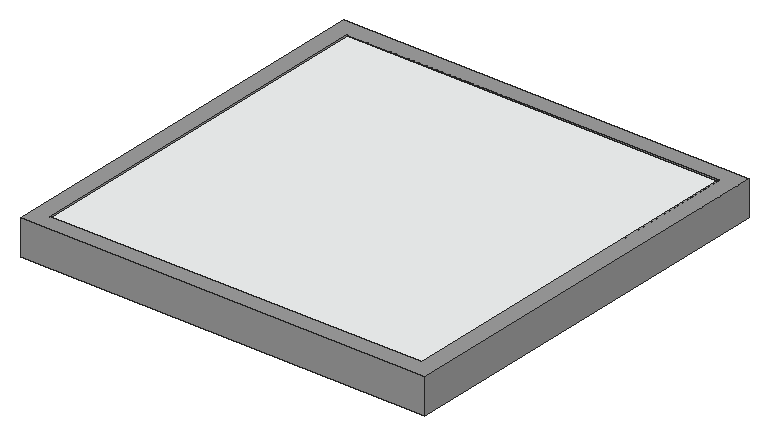
Revit family "33311_HOST_FACE", category Lighting Fixtures, host Face, Revit 2015
Parameters (values of type "Ceiling and Wall Luminaires - Unshielded")
  Wattage = 35.0743 W
  built-in parameter 1150110 = 1 (stored number, unit not read)
  URL = "www.bega-us.com"
  built-in parameter 1114217 = 1 (stored number, unit not read)
  Tilt Angle = 90.00°
  built-in parameter 1150109 = 1 (stored number, unit not read)
  built-in parameter 1150134 = (empty or 0)
  Telephone = "805.684.0533"
  built-in parameter 1150113 = 1 (stored number, unit not read)
  Photometric Web File = "33311.ies"
  Model = "33 311"
  Manufacturer = "BEGA-US"
  built-in parameter 1150105 = 414.6 (stored number, unit not read)
  Lumens = 5210 lm
  built-in parameter 1150115 = 1 (stored number, unit not read)
  built-in parameter 1150137 = (empty or 0)
  built-in parameter 1150139 = (empty or 0)
  built-in parameter 1150112 = 1 (stored number, unit not read)
  built-in parameter 1150114 = 1 (stored number, unit not read)
  Lamp = "76.8W LED"
  built-in parameter 1150132 = 2
  built-in parameter 1150102 = (empty or 0)
  built-in parameter 1150107 = 3000 (stored number, unit not read)
  built-in parameter 1150138 = (empty or 0)
  built-in parameter 1150106 = 4.146 (stored number, unit not read)
  built-in parameter 1150104 = 13.8 (stored number, unit not read)
  Dimming Lamp Color Temperature Shift = <None>
  Description = "LED surface ceiling and wall - large scale"
  Default Elevation = 0' - 0"
  Color Filter = 16777215
  built-in parameter 1114218 = 1 (stored number, unit not read)
  built-in parameter 1150133 = 10 (stored number, unit not read)
Types (4): name | Wattage | built-in parameter 1150134 | Photometric Web File | Model | built-in parameter 1150105 | Lumens | Lamp | built-in parameter 1150107 | built-in parameter 1150106 | Description | Default Elevation
  (no name) | 35.0743 W | (empty or 0) | "33311.ies" | "33 311" | 414.6 (stored number, unit not read) | 5210 lm | "76.8W LED" | 3000 (stored number, unit not read) | 4.146 (stored number, unit not read) | "LED surface ceiling and wall - large scale" | 0' - 0"
  Wall Luminaires - Directed Light | 18.4392 W | (empty or 0) | "generic" | "2260LED" | 217.96 (stored number, unit not read) | 2739 lm | "44.6W LED" | 3000 (stored number, unit not read) | 2.1796 (stored number, unit not read) | "Surface wall with cutoff optics" | 6' - 0"
  Wall Luminaires - Linear | 9.92985 W | 9 | "generic" | "4425P" | 117.38 (stored number, unit not read) | 1475 lm | "(1) 39W CF twin-4-p" | 3450 (stored number, unit not read) | 1.1738 (stored number, unit not read) | "Suface wall - linear with white acrylic diffuser" | 6' - 0"
  Ceiling and Wall Luminaires - Unshielded | 35.0743 W | (empty or 0) | "33311.ies" | "33 311" | 414.6 (stored number, unit not read) | 5210 lm | "76.8W LED" | 3000 (stored number, unit not read) | 4.146 (stored number, unit not read) | "LED surface ceiling and wall - large scale" | 0' - 0"
Reference planes (in)
  plane 1 "Center (Front/Back)": y = 0
  plane 2: z = 0
  plane 3 "Center (Left/Right)": x = 0
Dimensions and locks (in)
  aligned and locked: plane 2 to host face
  aligned and locked: level to host face
Nested families (in)
  nested 1: "33311" at (0, 0, 0), type "33311"
Connectors (in)
  electrical at (0, 0, 0)
    settings: on host face, index 1, voltage 0 V, apparent load 0 VA, apparent load phase1 0 VA, apparent load phase2 0 VA, apparent load phase3 0 VA, power factor 1, load classification "Other", number of poles 1, system type 31, power factor state 1, is connector primary yes, connector utility no, sub classification motor no, connector description ""
Definition of nested family "33311"
  Reference planes (in)
    plane 1 "Center (Front/Back)": y = 0
    plane 2: z = 0
    plane 3 "Center (Left/Right)": x = 0
  Forms (in)
    Extrusion 1, solid
      sketch origin (0, 0, 0) x (1, 0, 0) y (0, 1, 0)
        loop
          line (12.3125, 12.3125) -> (-12.3125, 12.3125) -> (-12.3125, -12.3125) -> (12.3125, -12.3125) -> (12.3125, 12.3125)
        loop
          line (-11.3125, -11.3125) -> (11.3125, -11.3125) -> (11.3125, 11.3125) -> (-11.3125, 11.3125) -> (-11.3125, -11.3125)
      from 2.125 to 0
    Extrusion 2, solid
      sketch origin (0, 0, 0) x (1, 0, 0) y (0, 0, 1)
        loop
          line (-11.3125, 0) -> (11.3125, 0) -> (11.3125, 0.25) -> (-11.3125, 0.25) -> (-11.3125, 0)
      from 11.3125 to -11.3125
    Extrusion 3, solid
      sketch origin (0, 0, 0) x (1, 0, 0) y (0, 0, 1)
        loop
          line (-11.3125, 2.0625) -> (-11.3125, 1.9375) -> (11.3125, 1.9375) -> (11.3125, 2.0625) -> (-11.3125, 2.0625)
      from 11.3125 to -11.3125
  Cuts and joins
    joined: Extrusion 1, Extrusion 2
  Dimensions and locks (in)
    aligned and locked: plane 2 to level
